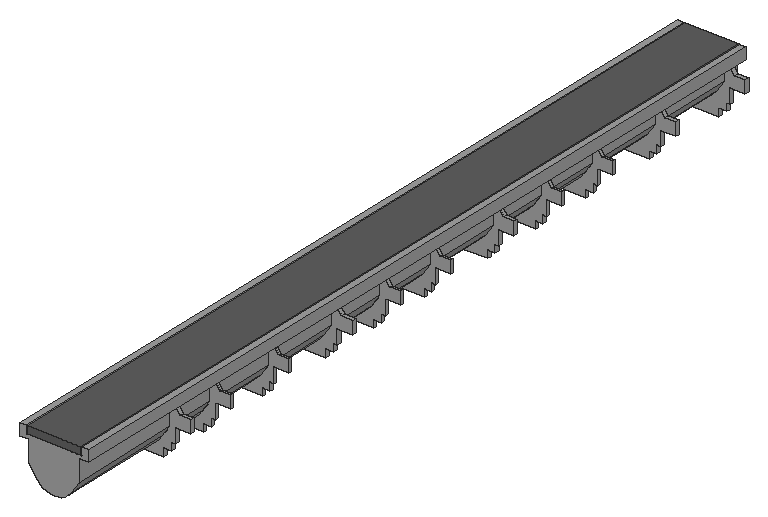
Revit family "Drain-Trench-Zurn-Z886", category Plumbing Fixtures, Revit 2012
Parameters (values of type "80" x 6.75" x 5.3" HD")
  Weight Restriction Per Foot = 5.16 lbf
  WFU = 0
  Vent Connection = no
  URL = "http://zurn.com/pages/catalog.asp?ProductGroupID=205&ProductName=%3Cfont+color%3D%22%23FFFFFF%22%3E03%3C%2Ffont%3EZA880%2D300B++%3Cimg+src%3D%22http%3A%2F%2Fwww%2Ezurn%2Ecom%2Fimages%2FAmerFlag%2Ejpg%22+%3E#p4486"
  Shallow = 4.7"
  Model = "Z886-8603-HD"
  Manufacturer = "Zurn Industries"
  HW Connection = no
  HD Bracket Adjustment = 0"
  Grate Open Area Per Foot = 18.57 in²
  Grate Material = Cast Iron - Ductile - Zurn Industries - Painted (Black)
  Flow = 152 GPM
  Drain Material = Polymer - Zurn Industries -HDPE - (Grey)
  Description = "Heavy Duty 6.75\" Wide Reveal Trench Drain in 80 in sections"
  Deep = 5.3"
  CW Connection = no
  Assembly Code = "D2030300"
Types (31): name | Weight Restriction Per Foot | Shallow | Model | HD Bracket Adjustment | Flow | Description | Deep
  (no name) | 5.16 lbf | 4.7" | "Z886-8603-HD" | 0" | 152 GPM | "Heavy Duty 6.75\" Wide Reveal Trench Drain in 80 in sections" | 5.3"
  80" x 6.25" x 4.1" | 2.31 lbf | 3.5" | "Z886-8601" | 0.25" | 93 GPM | "6.25\" Wide Reveal Trench Drain in 80 in sections" | 4.1"
  80" x 6.25" x 4.7" | 2.31 lbf | 4.1" | "Z886-8602" | 0.25" | 122 GPM | "6.25\" Wide Reveal Trench Drain in 80 in sections" | 4.7"
  80" x 6.25" x 5.3" | 2.31 lbf | 4.7" | "Z886-8603" | 0.25" | 152 GPM | "6.25\" Wide Reveal Trench Drain in 80 in sections" | 5.3"
  80" x 6.25" x 5.9" | 2.31 lbf | 5.3" | "Z886-8604" | 0.25" | 183 GPM | "6.25\" Wide Reveal Trench Drain in 80 in sections" | 5.9"
  80" x 6.25" x 6.5" | 2.31 lbf | 5.9" | "Z886-8605" | 0.25" | 214 GPM | "6.25\" Wide Reveal Trench Drain in 80 in sections" | 6.5"
  80" x 6.25" x 7.1" | 2.31 lbf | 6.5" | "Z886-8606" | 0.25" | 245 GPM | "6.25\" Wide Reveal Trench Drain in 80 in sections" | 7.1"
  80" x 6.25" x 7.7" | 2.31 lbf | 7.1" | "Z886-8607" | 0.25" | 276 GPM | "6.25\" Wide Reveal Trench Drain in 80 in sections" | 7.7"
  80" x 6.25" x 8.3" | 2.31 lbf | 7.7" | "Z886-8608" | 0.25" | 308 GPM | "6.25\" Wide Reveal Trench Drain in 80 in sections" | 8.3"
  80" x 6.25" x 8.9" | 2.31 lbf | 8.3" | "Z886-8609" | 0.25" | 339 GPM | "6.25\" Wide Reveal Trench Drain in 80 in sections" | 8.9"
  80" x 6.25" x 9.5" | 2.31 lbf | 8.9" | "Z886-8610" | 0.25" | 371 GPM | "6.25\" Wide Reveal Trench Drain in 80 in sections" | 9.5"
  80" x 6.25" x 10.1" | 2.31 lbf | 9.5" | "Z886-8611" | 0.25" | 403 GPM | "6.25\" Wide Reveal Trench Drain in 80 in sections" | 10.1"
  80" x 6.25" x 10.7" | 2.31 lbf | 10.1" | "Z886-8612" | 0.25" | 435 GPM | "6.25\" Wide Reveal Trench Drain in 80 in sections" | 10.7"
  80" x 6.25" x 11.3" | 2.31 lbf | 10.7" | "Z886-8613" | 0.25" | 467 GPM | "6.25\" Wide Reveal Trench Drain in 80 in sections" | 11.3"
  80" x 6.25" x 11.9" | 2.31 lbf | 11.3" | "Z886-8614" | 0.25" | 498 GPM | "6.25\" Wide Reveal Trench Drain in 80 in sections" | 11.9"
  80" x 6.25" x 12.5" | 2.31 lbf | 11.9" | "Z886-8615" | 0.25" | 530 GPM | "6.25\" Wide Reveal Trench Drain in 80 in sections" | 12.5"
  80" x 6.75" x 10.1" HD | 5.16 lbf | 9.5" | "Z886-861-HD" | 0" | 403 GPM | "Heavy Duty 6.75\" Wide Reveal Trench Drain in 80 in sections" | 10.1"
  80" x 6.75" x 10.7" HD | 5.16 lbf | 10.1" | "Z886-8612-HD" | 0" | 435 GPM | "Heavy Duty 6.75\" Wide Reveal Trench Drain in 80 in sections" | 10.7"
  80" x 6.75" x 11.3" HD | 5.16 lbf | 10.7" | "Z886-8613-HD" | 0" | 467 GPM | "Heavy Duty 6.75\" Wide Reveal Trench Drain in 80 in sections" | 11.3"
  80" x 6.75" x 11.9" HD | 5.16 lbf | 11.3" | "Z886-8614-HD" | 0" | 498 GPM | "Heavy Duty 6.75\" Wide Reveal Trench Drain in 80 in sections" | 11.9"
  80" x 6.75" x 12.5" HD | 5.16 lbf | 11.9" | "Z886-8615-HD" | 0" | 530 GPM | "Heavy Duty 6.75\" Wide Reveal Trench Drain in 80 in sections" | 12.5"
  80" x 6.75" x 4.1" HD | 5.16 lbf | 3.5" | "Z886-8601-HD" | 0" | 93 GPM | "Heavy Duty 6.75\" Wide Reveal Trench Drain in 80 in sections" | 4.1"
  80" x 6.75" x 4.7" HD | 5.16 lbf | 4.1" | "Z886-8602-HD" | 0" | 122 GPM | "Heavy Duty 6.75\" Wide Reveal Trench Drain in 80 in sections" | 4.7"
  80" x 6.75" x 5.3" HD | 5.16 lbf | 4.7" | "Z886-8603-HD" | 0" | 152 GPM | "Heavy Duty 6.75\" Wide Reveal Trench Drain in 80 in sections" | 5.3"
  80" x 6.75" x 5.9" HD | 5.16 lbf | 5.3" | "Z886-8604-HD" | 0" | 183 GPM | "Heavy Duty 6.75\" Wide Reveal Trench Drain in 80 in sections" | 5.9"
  80" x 6.75" x 6.5" HD | 5.16 lbf | 5.9" | "Z886-8605-HD" | 0" | 214 GPM | "Heavy Duty 6.75\"Wide Reveal Trench Drain in 80 in sections" | 6.5"
  80" x 6.75" x 7.1" HD | 5.16 lbf | 6.5" | "Z886-8606-HD" | 0" | 245 GPM | "Heavy Duty 6.75\" Wide Reveal Trench Drain in 80 in sections" | 7.1"
  80" x 6.75" x 7.7" HD | 5.16 lbf | 7.1" | "Z886-8607-HD" | 0" | 276 GPM | "Heavy Duty 6.75\" Wide Reveal Trench Drain in 80 in sections" | 7.7"
  80" x 6.75" x 8.3" HD | 5.16 lbf | 7.7" | "Z886-8608-HD" | 0" | 308 GPM | "Heavy Duty 6.75\" Wide Reveal Trench Drain in 80 in sections" | 8.3"
  80" x 6.75" x 8.9" HD | 5.16 lbf | 8.3" | "Z886-8609-HD" | 0" | 339 GPM | "Heavy Duty 6.75\" Wide Reveal Trench Drain in 80 in sections" | 8.9"
  80" x 6.75" x 9.5" HD | 5.16 lbf | 8.9" | "Z886-8610-HD" | 0" | 371 GPM | "Heavy Duty 6.75\" Wide Reveal Trench Drain in 80 in sections" | 9.5"
Reference planes (in)
  plane 1 "Center (Front/Back)": y = 18.92982
  plane 2: z = 0
  plane 3 "Center (Left/Right)": x = 0
  plane 4 "Front": y = -21.69518
  plane 5 "Back": y = 59.55482
  plane 6 "Grate Left": x = -3.375
  plane 7 "Grate Right": x = 3.375
  plane 8 "Upper Bottom": z = -4.7
  plane 9 "Lower Bottom": z = -5.3
  plane 10 "Left": x = -4.875
  plane 11 "First Rib": y = 58.30482
  plane 12 "Right": x = 4.875
  plane 13 "Bottom": z = -5.95
  plane 14 "Last Rib": y = -10.63268
  plane 15 "Back End": y = 59.55482
Forms (in)
  Blend 1, solid, material "Polymer - Zurn Industries -HDPE - (Grey)" <- "Drain Material", detail levels medium+fine
    base sketch origin (0, 0, 0) x (1, 0, 0) y (0, 0, 1)
      loop
        line (-3.375, 0) -> (-3.375, -1.125) -> (-2.5, -1.125) -> (-2.5, -2.639) -> (-1.70063, -3.8043)
        arc (-1.70063, -3.8043) -> (-0.96104, -4.46239) -> (0, -4.7) r 2.0623
        arc (0, -4.7) -> (0.96104, -4.46239) -> (1.70063, -3.8043) r 2.0623
        line (1.70063, -3.8043) -> (2.5, -2.639) -> (2.5, -1.125) -> (3.375, -1.125) -> (3.375, 0) -> (2.75, 0) -> (2.75, -0.7513) -> (0, -0.7513) -> (-2.75, -0.7513) -> (-2.75, 0) -> (-3.375, 0)
    top sketch origin (0, 0, 0) x (1, 0, 0) y (0, 0, 1)
      loop
        line (0, -0.7513) -> (-2.75, -0.7513) -> (-2.75, 0) -> (-3.375, 0) -> (-3.375, -1.125) -> (-2.5, -1.125) -> (-2.5, -3.23866) -> (-1.68454, -4.42741)
        arc (-1.68454, -4.42741) -> (-0.94856, -5.06891) -> (0, -5.3) r 2.0623
        arc (0, -5.3) -> (0.94856, -5.06891) -> (1.68454, -4.42741) r 2.0623
        line (1.68454, -4.42741) -> (2.5, -3.23866) -> (2.5, -1.125) -> (3.375, -1.125) -> (3.375, 0) -> (2.75, 0) -> (2.75, -0.7513) -> (0, -0.7513)
    from -59.55482 to 21.69518
  Extrusion 2, void
    sketch origin (0, 0, 0) x (1, 0, 0) y (0, 0, 1)
      loop
        line (0, -5.95) -> (-2, -5.95) -> (-2, -5.2) -> (-2.75, -5.2) -> (-2.75, -4.45) -> (-3.125, -4.45) -> (-3.125, -3) -> (-4.625, -3) -> (-4.625, -1.75) -> (-3.56793, -1.75) -> (-3.125, -1.11743) -> (-3.125, -0.625) -> (-6.375, -0.625) -> (-6.375, -10.39275) -> (0, -10.39275) -> (8.125, -10.39275) -> (8.125, -0.625) -> (3.125, -0.625) -> (3.125, -1.129) -> (3.55983, -1.75) -> (4.625, -1.75) -> (4.625, -3) -> (3.125, -3) -> (3.125, -4.45) -> (2.75, -4.45) -> (2.75, -5.2) -> (2, -5.2) -> (2, -5.95) -> (0, -5.95)
    from -59.55482 to 21.69518
  Extrusion 3, solid, material "Cast Iron - Ductile - Zurn Industries - Painted (Black)" <- "Grate Material", detail levels medium+fine
    sketch origin (0, 0, 0) x (1, 0, 0) y (0, 0, 1)
      loop
        line (-2.65, -0.7513) -> (2.65, -0.7513) -> (2.65, 0) -> (-2.65, 0) -> (-2.65, -0.7513)
    from -59.55482 to 21.69518
  Extrusion 4, solid, material "Polymer - Zurn Industries -HDPE - (Grey)" <- "Drain Material", detail levels medium+fine
    sketch origin (0, 0, 0) x (1, 0, 0) y (0, 1, 0)
      loop
        line (-4.875, -10.63268) -> (4.875, -10.63268) -> (4.875, -10.25768) -> (-4.875, -10.25768) -> (-4.875, -10.63268)
      loop
        line (-4.875, -5.44518) -> (-4.875, -5.69518) -> (4.875, -5.69518) -> (4.875, -5.44518) -> (-4.875, -5.44518)
      loop
        line (-4.875, 1.80482) -> (-4.875, 1.55482) -> (4.875, 1.55482) -> (4.875, 1.80482) -> (-4.875, 1.80482)
      loop
        line (-4.875, 9.74232) -> (-4.875, 9.36732) -> (4.875, 9.36732) -> (4.875, 9.74232) -> (-4.875, 9.74232)
      loop
        line (-4.875, 15.55482) -> (-4.875, 15.30482) -> (4.875, 15.30482) -> (4.875, 15.55482) -> (-4.875, 15.55482)
      loop
        line (-4.875, 21.80482) -> (-4.875, 21.55482) -> (4.875, 21.55482) -> (4.875, 21.80482) -> (-4.875, 21.80482)
      loop
        line (-4.875, 29.74232) -> (-4.875, 29.36732) -> (4.875, 29.36732) -> (4.875, 29.74232) -> (-4.875, 29.74232)
      loop
        line (-4.875, 35.55482) -> (-4.875, 35.30482) -> (4.875, 35.30482) -> (4.875, 35.55482) -> (-4.875, 35.55482)
      loop
        line (-4.875, 41.80482) -> (-4.875, 41.55482) -> (4.875, 41.55482) -> (4.875, 41.80482) -> (-4.875, 41.80482)
      loop
        line (-4.875, 49.74232) -> (-4.875, 49.36732) -> (4.875, 49.36732) -> (4.875, 49.74232) -> (-4.875, 49.74232)
      loop
        line (-4.875, 58.30482) -> (-4.875, 57.92932) -> (4.875, 57.92932) -> (4.875, 58.30482) -> (-4.875, 58.30482)
    from -1.125 to -10.39275
Cuts and joins
  Extrusion 2 cuts Extrusion 4
  joined: Blend 1, Extrusion 4
Lines and regions (in)
  Masking region 1
    outline origin (0, 0, -5.95) x (0, -1, 0) y (1, 0, 0)
      loop
        line (-59.55482, -4.875) -> (21.69518, -4.875) -> (21.69518, 4.875) -> (-59.55482, 4.875) -> (-59.55482, -4.875)
  Masking region 2
    outline origin (0, 0, 0) x (1, 0, 0) y (0, 1, 0)
      loop
        line (-4.875, 59.55482) -> (-4.875, -21.69518) -> (4.875, -21.69518) -> (4.875, 59.55482) -> (-4.875, 59.55482)
  Masking region 3, detail levels coarse+medium
    outline origin (0, 59.55482, 0) x (0, 0, 1) y (1, 0, 0)
      loop
        line (0, -4.875) -> (0, 4.875) -> (-5.95, 4.875) -> (-5.95, -4.875) -> (0, -4.875)
  Masking region 4, detail levels coarse+medium
    outline origin (0, -21.69518, 0) x (0, 0, 1) y (1, 0, 0)
      loop
        line (0, -4.875) -> (0, 4.875) -> (-5.95, 4.875) -> (-5.95, -4.875) -> (0, -4.875)
  Masking region 5, detail levels fine
    outline origin (0, -21.69518, 0) x (0, 0, 1) y (1, 0, 0)
      loop
        arc (-5.3, 0) -> (-5.06891, -0.94856) -> (-4.42741, -1.68454) r 2.0623
        line (-4.42741, -1.68454) -> (-3.23866, -2.5) -> (-1.125, -2.5) -> (-1.125, -3.375) -> (0, -3.375) -> (0, 3.375) -> (-1.125, 3.375) -> (-1.125, 2.5) -> (-3.23866, 2.5) -> (-4.42741, 1.68454)
        arc (-4.42741, 1.68454) -> (-5.06891, 0.94856) -> (-5.3, 0) r 2.0623
  Masking region 6, detail levels fine
    outline origin (0, 59.55482, 0) x (0, 0, 1) y (1, 0, 0)
      loop
        line (-1.125, 3.375) -> (-1.125, 2.5) -> (-2.639, 2.5) -> (-3.8043, 1.70063)
        arc (-3.8043, 1.70063) -> (-4.46239, 0.96104) -> (-4.7, 0) r 2.0623
        arc (-4.7, 0) -> (-4.46239, -0.96104) -> (-3.8043, -1.70063) r 2.0623
        line (-3.8043, -1.70063) -> (-2.639, -2.5) -> (-1.125, -2.5) -> (-1.125, -3.375) -> (0, -3.375) -> (0, 3.375) -> (-1.125, 3.375)
  Masking region 7, detail levels fine
    outline origin (0, 58.30482, 0) x (0, 0, 1) y (1, 0, 0)
      loop
        line (-1.125, 3.1222) -> (-1.75, 3.55983) -> (-1.75, 4.625) -> (-3, 4.625) -> (-3, 3.125) -> (-4.45, 3.125) -> (-4.45, 2.75) -> (-5.2, 2.75) -> (-5.2, 2) -> (-5.95, 2) -> (-5.95, -2) -> (-5.2, -2) -> (-5.2, -2.75) -> (-4.45, -2.75) -> (-4.45, -3.125) -> (-3, -3.125) -> (-3, -4.625) -> (-1.75, -4.625) -> (-1.75, -3.56793) -> (-1.125, -3.1303) -> (-1.125, 3.1222)
  Masking region 8, detail levels fine
    outline origin (0, -10.63268, 0) x (0, 0, 1) y (1, 0, 0)
      loop
        line (-1.125, 3.1222) -> (-1.75, 3.55983) -> (-1.75, 4.625) -> (-3, 4.625) -> (-3, 3.125) -> (-4.45, 3.125) -> (-4.45, 2.75) -> (-5.2, 2.75) -> (-5.2, 2) -> (-5.95, 2) -> (-5.95, -2) -> (-5.2, -2) -> (-5.2, -2.75) -> (-4.45, -2.75) -> (-4.45, -3.125) -> (-3, -3.125) -> (-3, -4.625) -> (-1.75, -4.625) -> (-1.75, -3.56793) -> (-1.125, -3.1303) -> (-1.125, 3.1222)
  Masking region 9
    outline origin (4.875, 0, 0) x (0, 0, 1) y (0, -1, 0)
      loop
        line (0, 21.69518) -> (-5.95, 21.69518) -> (-5.95, -59.55482) -> (0, -59.55482) -> (0, 21.69518)
  Masking region 10
    outline origin (-4.875, 0, 0) x (0, -1, 0) y (0, 0, 1)
      loop
        line (21.69518, 0) -> (-59.55482, 0) -> (-59.55482, -5.95) -> (21.69518, -5.95) -> (21.69518, 0)
  model lines, detail levels coarse
    curve 1: line (-4.875, 59.55482, 0) -> (-4.875, 59.55482, -5.95)
    curve 2: line (-4.875, 59.55482, -5.95) -> (4.875, 59.55482, -5.95)
    curve 3: line (4.875, 59.55482, -5.95) -> (4.875, 59.55482, 0)
    curve 4: line (-4.875, -21.69518, 0) -> (-4.875, -21.69518, -5.95)
    curve 5: line (-4.875, -21.69518, -5.95) -> (4.875, -21.69518, -5.95)
    curve 6: line (4.875, -21.69518, -5.95) -> (4.875, -21.69518, 0)
    curve 7: line (-4.875, 59.55482, 0) -> (4.875, 59.55482, 0)
    curve 8: line (-4.875, -21.69518, 0) -> (4.875, -21.69518, 0)
    curve 9: line (4.875, 59.55482, 0) -> (4.875, -21.69518, 0)
    curve 10: line (-4.875, -21.69518, 0) -> (-4.875, 59.55482, 0)
    curve 11: line (-4.875, 59.55482, -5.95) -> (-4.875, -21.69518, -5.95)
    curve 12: line (4.875, -21.69518, -5.95) -> (4.875, 59.55482, -5.95)
Dimensions and locks (in)
  equal spacing: plane 4 "Front", plane 1 "Center (Front/Back)", plane 5 "Back", locked at 40.625 each
  locked: plane 4 "Front" to plane 1 "Center (Front/Back)" at 40.625
  locked: plane 3 "Center (Left/Right)" to plane 6 "Grate Left" at 3.375
  equal spacing: plane 7 "Grate Right", plane 3 "Center (Left/Right)", plane 6 "Grate Left"
  "Shallow": level to plane 8 "Upper Bottom"
  "Deep": level to plane 9 "Lower Bottom"
  locked: level to Blend 1 sketch curve at 1.125  (x2)
  locked: plane 3 "Center (Left/Right)" to Blend 1 sketch curve at 2.5  (x2)
  locked: Blend 1 sketch curve to plane 8 "Upper Bottom" at 2.061  (x2)
  locked: Blend 1 sketch curve to plane 8 "Upper Bottom" at 2.0623  (x2)
  locked: Blend 1 sketch curve to plane 8 "Upper Bottom" at 0.8957  (x2)
  locked: Blend 1 sketch curve to Blend 1 sketch curve at 0.3737  (x2)
  locked: Blend 1 sketch curve to plane 3 "Center (Left/Right)" at 0  (x2)
  locked: Blend 1 sketch curve to plane 9 "Lower Bottom" at 2.0623  (x2)
  locked: Blend 1 sketch curve to plane 9 "Lower Bottom" at 2.06134  (x2)
  locked: Blend 1 sketch curve to plane 9 "Lower Bottom" at 0.87259  (x2)
  plane 10 "Left" to plane 6 "Grate Left" = 1.5"
  locked: Extrusion 2 sketch curve to Extrusion 2 sketch curve at 0.75  (x4)
  locked: plane 5 "Back" to Extrusion 2 at 0
  locked: Extrusion 2 sketch curve to Extrusion 2 sketch curve at 1.25  (x2)
  locked: plane 9 "Lower Bottom" to Extrusion 2 sketch curve at 5.09275
  locked: plane 11 "First Rib" to plane 5 "Back" at 1.25
  Blend 1 sketch curve to plane 3 "Center (Left/Right)" to Blend 1 sketch curve = 2.5" locked, 2.5" locked
  locked: Blend 1 sketch curve to Blend 1 sketch curve at 5.5  (x2)
  equal spacing: Blend 1 sketch curve, plane 3 "Center (Left/Right)", Blend 1 sketch curve  (x2)
  "HD Bracket Adjustment": Blend 1 sketch curve to plane 6 "Grate Left"  (x2)
  "HD Bracket Adjustment": plane 7 "Grate Right" to Blend 1 sketch curve  (x2)
  Extrusion 2 sketch curve to Extrusion 2 sketch curve to Extrusion 2 sketch curve to Extrusion 2 sketch curve to Extrusion 2 sketch curve = 1.05707" locked, 0.44293" locked, 0.375" locked, 0.75" locked
  Extrusion 2 sketch curve to Extrusion 2 sketch curve to Extrusion 2 sketch curve to Extrusion 2 sketch curve to Extrusion 2 sketch curve = 0.75" locked, 0.375" locked, 0.43483" locked, 1.06517" locked
  locked: Extrusion 2 sketch curve to plane 6 "Grate Left" at 0.25
  locked: plane 7 "Grate Right" to Extrusion 2 sketch curve at 0.25
  Extrusion 2 sketch curve to plane 3 "Center (Left/Right)" to Extrusion 2 sketch curve = 6.375" locked, 8.125" locked
  locked: level to Extrusion 2 sketch curve at 1.75  (x2)
  level to level = 0"
  equal spacing: Extrusion 4 sketch curve, plane 3 "Center (Left/Right)", Extrusion 4 sketch curve
  locked: Extrusion 4 sketch curve to plane 4 "Front" at 11.0625
  locked: Extrusion 4 sketch curve to plane 4 "Front" at 11.4375
  locked: Extrusion 4 sketch curve to plane 4 "Front" at 16
  locked: Extrusion 4 sketch curve to plane 4 "Front" at 16.25
  locked: Extrusion 4 sketch curve to plane 4 "Front" at 23.25
  locked: Extrusion 4 sketch curve to plane 4 "Front" at 23.5
  locked: Extrusion 4 sketch curve to plane 4 "Front" at 31.0625
  locked: Extrusion 4 sketch curve to plane 4 "Front" at 31.4375
  locked: Extrusion 4 sketch curve to plane 4 "Front" at 37
  locked: Extrusion 4 sketch curve to plane 4 "Front" at 37.25
  locked: Extrusion 4 sketch curve to plane 4 "Front" at 43.25
  locked: Extrusion 4 sketch curve to plane 4 "Front" at 43.5
  locked: Extrusion 4 sketch curve to plane 4 "Front" at 51.0625
  locked: Extrusion 4 sketch curve to plane 4 "Front" at 51.4375
  locked: Extrusion 4 sketch curve to plane 4 "Front" at 57
  locked: Extrusion 4 sketch curve to plane 4 "Front" at 57.25
  locked: Extrusion 4 sketch curve to plane 4 "Front" at 63.25
  locked: Extrusion 4 sketch curve to plane 4 "Front" at 63.5
  locked: Extrusion 4 sketch curve to plane 4 "Front" at 71.0625
  locked: Extrusion 4 sketch curve to plane 4 "Front" at 71.4375
  locked: Extrusion 4 sketch curve to plane 4 "Front" at 79.6245
  locked: Extrusion 4 sketch curve to plane 4 "Front" at 80
  plane 8 "Upper Bottom" to cut or joined group of Blend 1, Extrusion 2, Extrusion 4 = 1.25"
  locked: level to Extrusion 2 sketch curve at 0.625
  locked: plane 8 "Upper Bottom" to Extrusion 2 sketch curve at 1.25
  locked: plane 12 "Right" to plane 3 "Center (Left/Right)" at 4.875
  locked: plane 8 "Upper Bottom" to plane 13 "Bottom" at 1.25
  Extrusion 3 to plane 3 "Center (Left/Right)" to Extrusion 3 = 2.65" locked, 2.65" locked
  locked: curve 1 to level at 0
  locked: curve 3 to level at 0
  locked: curve 2 to plane 12 "Right" at 0
  locked: curve 2 to plane 10 "Left" at 0
  locked: plane 13 "Bottom" to curve 3 at 0
  locked: plane 13 "Bottom" to curve 1 at 0
  locked: curve 4 to level at 0
  curve 6 to level = 0"
  locked: plane 13 "Bottom" to curve 6 at 0
  locked: plane 13 "Bottom" to curve 4 at 0
  locked: curve 5 to plane 12 "Right" at 0
  locked: curve 5 to plane 10 "Left" at 0
  locked: plane 1 "Center (Front/Back)" to plane 15 "Back End" at 40.625
  locked: Extrusion 3 to plane 15 "Back End" at 0
  radius of Blend 1 sketch curve = 2.0623"  (x2)
  locked: Extrusion 2 sketch curve to Extrusion 2 sketch curve (angle 145.00°)  (x2)
  aligned and locked: plane 3 "Center (Left/Right)" to Blend 1 sketch curve
  aligned and locked: level to Blend 1 sketch curve  (x2)
  aligned and locked: plane 5 "Back" to Blend 1
  aligned and locked: Blend 1 to plane 4 "Front"
  aligned and locked: Extrusion 2 to plane 4 "Front"
  aligned and locked: level to Extrusion 3 sketch curve
  aligned and locked: Extrusion 3 to plane 4 "Front"
  aligned and locked: Extrusion 4 sketch curve to plane 10 "Left"  (x10)
  aligned and locked: Extrusion 4 sketch curve to Extrusion 4 sketch curve  (x10)
  aligned and locked: plane 10 "Left" to Extrusion 4 sketch curve
  aligned and locked: plane 4 "Front" to Masking region 2 sketch curve
  aligned and locked: Masking region 2 sketch curve to Blend 1
  aligned and locked: Masking region 2 to Extrusion 4
  aligned and locked: plane 10 "Left" to Masking region 2
  aligned and locked: Masking region 1 to plane 4 "Front"
  aligned and locked: Masking region 1 to Masking region 2  (x2)
  aligned and locked: plane 10 "Left" to Masking region 1
  aligned and locked: Extrusion 4 to Extrusion 2
  aligned and locked: Extrusion 4 to Blend 1
  aligned and locked: Extrusion 2 sketch curve to Extrusion 2 sketch curve  (x2)
  aligned and locked: Extrusion 3 to Blend 1
  aligned and locked: plane 14 "Last Rib" to cut or joined group of Blend 1, Extrusion 2, Extrusion 4
  aligned and locked: Masking region 3 sketch curve to level
  aligned and locked: Masking region 3 sketch curve to plane 10 "Left"
  aligned and locked: plane 13 "Bottom" to Masking region 3 sketch curve
  aligned and locked: Masking region 3 sketch curve to plane 12 "Right"
  aligned and locked: Masking region 4 sketch curve to Masking region 3  (x4)
  aligned and locked: Masking region 5 sketch curve to Blend 1  (x11)
  aligned and locked: Masking region 6 sketch curve to Blend 1  (x9)
  aligned and locked: Blend 1 to Masking region 6 sketch curve
  aligned and locked: Masking region 7 sketch curve to cut or joined group of Blend 1, Extrusion 2, Extrusion 4  (x19)
  aligned and locked: cut or joined group of Blend 1, Extrusion 2, Extrusion 4 to Masking region 7 sketch curve
  aligned and locked: Masking region 8 sketch curve to cut or joined group of Blend 1, Extrusion 2, Extrusion 4  (x18)
  aligned and locked: Masking region 8 sketch curve to Masking region 7  (x2)
  aligned and locked: Masking region 9 sketch curve to Blend 1  (x2)
  aligned and locked: Masking region 9 sketch curve to plane 13 "Bottom"
  aligned and locked: Masking region 9 sketch curve to plane 5 "Back"
  aligned and locked: Masking region 10 sketch curve to Blend 1
  aligned and locked: Masking region 10 sketch curve to Masking region 9  (x3)
  aligned and locked: plane 10 "Left" to curve 1
  aligned and locked: plane 10 "Left" to curve 4
  aligned and locked: plane 12 "Right" to curve 7
  aligned and locked: plane 12 "Right" to curve 8
  aligned and locked: plane 10 "Left" to curve 11
  aligned and locked: plane 4 "Front" to curve 11
  aligned and locked: plane 15 "Back End" to curve 11
  aligned and locked: plane 15 "Back End" to curve 12
  aligned and locked: plane 4 "Front" to curve 12
  aligned and locked: plane 12 "Right" to curve 12
  aligned and locked: plane 4 "Front" to curve 10
  aligned and locked: plane 15 "Back End" to curve 10
  aligned and locked: plane 15 "Back End" to curve 9
  aligned and locked: plane 4 "Front" to curve 9
  aligned and locked: curve 9 to plane 12 "Right"
  aligned and locked: curve 10 to plane 10 "Left"
Automatic sketch dimensions
  Blend 1 sketch curve to plane 3 "Center (Left/Right)" = 0"  (x2)
  Blend 1 sketch curve to level = 0"  (x2)
  Blend 1 sketch curve to level = 1.125"
  Blend 1 sketch curve to Blend 1 sketch curve = 1.125"
  Blend 1 sketch curve to Blend 1 sketch curve = 0.3737"
  plane 6 "Grate Left" to Extrusion 3 sketch curve = 0.725"
  Extrusion 3 sketch curve to plane 7 "Grate Right" = 0.725"
  Extrusion 3 sketch curve to level = 0.7513"
  Extrusion 2 sketch curve to plane 3 "Center (Left/Right)" = 0"  (x2)
  plane 6 "Grate Left" to Extrusion 2 sketch curve = 0.25"
  Extrusion 2 sketch curve to plane 7 "Grate Right" = 0.25"
  Masking region 2 sketch curve to plane 10 "Left" = 0"
  Masking region 2 sketch curve to plane 12 "Right" = 0"
  Masking region 1 sketch curve to plane 5 "Back" = 0"
  Masking region 1 sketch curve to plane 4 "Front" = 0"
  Masking region 1 sketch curve to plane 10 "Left" = 0"
  Masking region 1 sketch curve to plane 12 "Right" = 0"
  plane 8 "Upper Bottom" to Masking region 6 sketch curve = 0.8957"  (x2)
  Masking region 6 sketch curve to Masking region 6 sketch curve = 1.1653"
